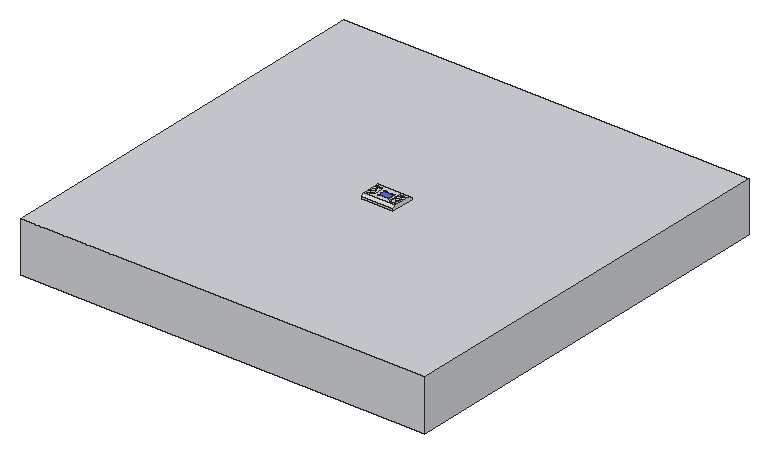
Revit family "Контроллер регистрации PERCo_CR01.2 CR01.9", category Охранная сигнализация, Revit 2019
Family settings
  Основа = Грань
  Сохранять ориентацию аннотаций = Да
  Размер круглого соединителя = Использовать диаметр
  Тип детали = Нормальный
  При загрузке вырезать с полостями = Нет
  Общий = Нет
  Точка расчета площади = Нет
Parameters (values of type "CR01.9")
  Формат читаемых карт = "Mifare, EMM, HID Prox"
  Тип интерфейса = "Ethernet"  # constant formula
  Температура использования = "от +1°С до +40°С"  # constant formula
  Степень защиты оболочки = "IP20"  # constant formula
  Подключение к электросети = "220В"  # constant formula
  Default Elevation = 1500 mm
  Наличие сканера отпечатка пальцев = "Нет"  # constant formula
  Наличие встроенного считывателя = "Да"  # constant formula
  Материал корпуса = PERCo_Белый
  Кол-во событий = "до 870 000"  # constant formula
  Кол-во пользователей = "до 50 000"  # constant formula
  Кол-во подключаемых турникетов = "Не предусмотрено"  # constant formula
  Кол-во подключаемых замков = "Не предусмотрено"  # constant formula
  Кол-во контроллеров 2-го уровня = "Не предусмотрено"  # constant formula
  Кол-во выносных считывателей = "Не предусмотрено"  # constant formula
  Габаритные размеры = "190×140×23 мм"  # constant formula
  ADSK_Ток = 0.25 A
  ADSK_Номинальная мощность = 3 VA
  ADSK_Напряжение = 12 V
  ADSK_Наименование краткое = "Контроллер CR01.9"
  ADSK_Наименование = "Контроллер регистрации PERCo-CR01.9"
  ADSK_Материал наименование = "Корпус выполнен из ударопрочного АБС-пластика, с ЖК-дисплеем"  # constant formula
  ADSK_Масса_Текст = "не более 0,55 кг"  # constant formula
  ADSK_Количество = 1  # constant formula
  ADSK_Завод-изготовитель = "PERCo"  # constant formula
  ADSK_Единица измерения = "шт."  # constant formula
  ADSK_URL страницы изделия = "https://www.perco.ru/products/kontroller-registratsii-cr01.9.php"
Types (2, lengths in mm): name | Формат читаемых карт | ADSK_Наименование краткое | ADSK_Наименование | ADSK_URL страницы изделия
  CR01.2 | "EMM, HID Prox" | "Контроллер CR01.2" | "Контроллер регистрации PERCo-CR01.2" | "https://www.perco.ru/products/kontroller-registratsii-cr01.2.php"
  CR01.9 | "Mifare, EMM, HID Prox" | "Контроллер CR01.9" | "Контроллер регистрации PERCo-CR01.9" | "https://www.perco.ru/products/kontroller-registratsii-cr01.9.php"
Reference planes
  plane 1 "По центру (Вперед/Назад)": y = -65.793
  plane 2: z = 0
  plane 3 "По центру (Влево/Вправо)": x = 9.916
Forms (mm)
  Extrusion 1, solid
    sketch origin (0, 0, 0) x (1, 0, 0) y (0, 1, 0)
      loop
        line (-1219.2, 1219.2) -> (-1219.2, -1219.2) -> (1219.2, -1219.2) -> (1219.2, 1219.2) -> (-1219.2, 1219.2)
    from 0 to -304.8
  Extrusion 2, solid, material "PERCo_Белый" <- "Материал корпуса", detail levels medium+fine
    sketch origin (0, 0, 0) x (1, 0, 0) y (0, 1, 0)
      loop
        line (-85.084, 74.207) -> (-85.084, -65.793) -> (104.916, -65.793) -> (104.916, 74.207) -> (-85.084, 74.207)
    from 0 to 23
  Extrusion 3, void
    sketch origin (-85.084, 9.207, 0) x (0, -1, 0) y (0, 0, -1)
      loop
        line (-65, -8.554) -> (-67.518, -8.554) -> (-67.518, -31.135) -> (-45.554, -31.135) -> (-45.554, -28)
        arc (-45.554, -28) -> (-53.807, -16.807) -> (-65, -8.554) r 46.506
      loop
        arc (75, -8.554) -> (63.807, -16.807) -> (55.554, -28) r 46.506
        line (55.554, -28) -> (55.554, -31.135) -> (77.518, -31.135) -> (77.518, -8.554) -> (75, -8.554)
    from 0 to 190
  Extrusion 4, void
    sketch origin (0, 0, 23) x (0, 1, 0) y (1, 0, 0)
      loop
        arc (38.929, -47.702) -> (36.342, -41.457) -> (30.097, -38.87) r 8.832
        line (30.097, -38.87) -> (-25.34, -38.87)
        arc (-25.34, -38.87) -> (-31.592, -41.46) -> (-34.181, -47.711) r 8.841
        line (-34.181, -47.711) -> (-34.181, -87.147) -> (38.929, -87.147) -> (38.929, -47.702)
      loop
        line (14.701, -65.87) -> (23.545, -65.87) -> (1.77, -50.623) -> (-20.005, -65.87) -> (-8.419, -65.87) -> (-8.419, -86.155) -> (14.701, -86.155) -> (14.701, -65.87)
      loop
        arc (-34.181, 66.685) -> (-31.594, 60.44) -> (-25.349, 57.853) r 8.832
        line (-25.349, 57.853) -> (30.088, 57.853)
        arc (30.088, 57.853) -> (36.339, 60.442) -> (38.929, 66.694) r 8.841
        line (38.929, 66.694) -> (38.929, 106.13) -> (-34.181, 106.13) -> (-34.181, 66.685)
      loop
        line (-9.954, 84.853) -> (-18.797, 84.853) -> (2.978, 69.606) -> (24.753, 84.853) -> (13.166, 84.853) -> (13.166, 105.137) -> (-9.954, 105.137) -> (-9.954, 84.853)
    from 0 to 1
  Extrusion 5, void
    sketch origin (0, 0, 23) x (0, 1, 0) y (1, 0, 0)
      loop
        line (24.984, -21.828) -> (24.984, 40.479) -> (-18, 40.479) -> (-18, -21.828) -> (24.984, -21.828)
    from 0 to 2
  Extrusion 6, solid, material "PERCo_Синий", detail levels medium+fine
    sketch origin (0, 0, 21) x (0, 1, 0) y (-1, 0, 0)
      loop
        line (24.984, 21.828) -> (-18, 21.828) -> (-18, -40.479) -> (24.984, -40.479) -> (24.984, 21.828)
    from 0 to 1
  Extrusion 7, solid, material "PERCo_Белый" <- "Материал корпуса", detail levels coarse
    sketch origin (0, 0, 0) x (1, 0, 0) y (0, 1, 0)
      loop
        line (-85.084, 74.207) -> (-85.084, -65.793) -> (104.916, -65.793) -> (104.916, 74.207) -> (-85.084, 74.207)
    from 0 to 23
Cuts and joins
  Extrusion 3, Extrusion 4, Extrusion 5 cuts Extrusion 2
Dimensions and locks
  aligned and locked: plane 2 to Extrusion 1
  aligned and locked: level to Extrusion 1
  aligned and locked: plane 1 "По центру (Вперед/Назад)" to cut or joined group of Extrusion 2, Extrusion 3, Extrusion 4, Extrusion 5
Nested families
  nested 1: "УГО контроллер" at (9.916, -65.793, 0), type "УГО контроллер", detail levels coarse
    with метка ""
Connectors
  electrical at (10, 0, 0), driven by "ADSK_Напряжение", driven by "ADSK_Номинальная мощность"
    settings: index 1, voltage 12 V, apparent load 0 VA, apparent load phase1 3 VA, apparent load phase2 0 VA, apparent load phase3 0 VA, power factor 1, load classification "Прочее", number of poles 1, system type 31, power factor state 1, is connector primary yes, connector utility no, sub classification motor no, connector description ""
Definition of nested family "УГО контроллер"
  Parameters (values of type "УГО контроллер")
    метка [instance] = ""
  Reference planes
    plane 1: y = 0
    plane 2: x = 0
  Lines and regions (mm)
    detail lines
      curve 1: line (-2, 0, 0) -> (2, 0, 0)
      curve 2: line (2, 0, 0) -> (2, 6, 0)
      curve 3: line (2, 6, 0) -> (-2, 6, 0)
      curve 4: line (-2, 6, 0) -> (-2, 0, 0)
      curve 5: line (-1.68, 5.7, 0) -> (1.68, 5.7, 0)
      curve 6: line (-1.68, 0.3, 0) -> (-1.68, 5.7, 0)
      curve 7: line (1.68, 0.3, 0) -> (-1.68, 0.3, 0)
      curve 8: line (1.68, 5.7, 0) -> (1.68, 0.3, 0)
      curve 9: line (-1.68, 5.7, 0) -> (1.68, 0.3, 0)
      curve 10: line (1.68, 5.7, 0) -> (-1.68, 0.3, 0)
  Dimensions and locks
    equal spacing: curve 6, plane 2, curve 8
    locked: curve 3 to curve 5 at 0.3
    locked: curve 7 to curve 1 at 0.3
